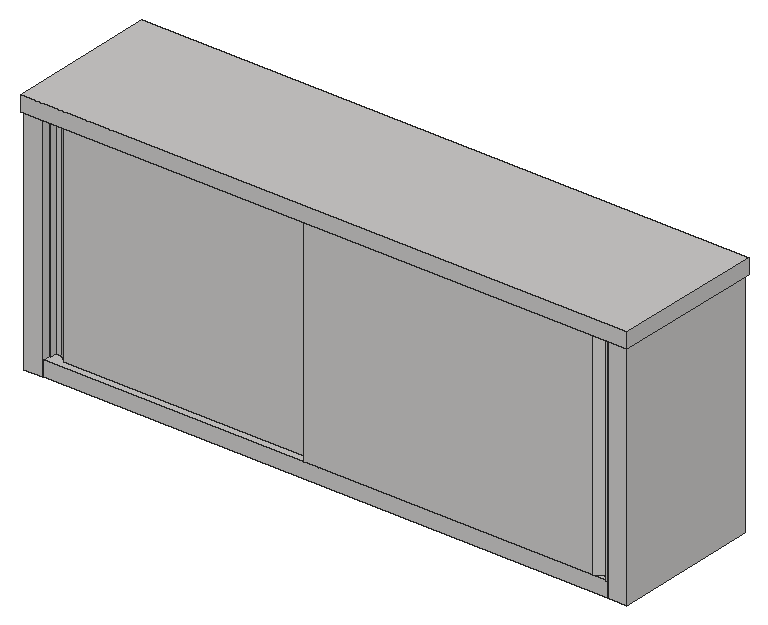
Revit family "QF_ZANUSSI_132833_PS1600LCN", category Attrezzature speciali, Revit 2020
Family settings
  Quota connettore circolare = Usa diametro
  Tipo di parte = Normale
  Basato su piano di lavoro = No
  Sempre verticale = Sì
  Taglio con vuoti quando caricato = No
  Condiviso = No
  Punto di calcolo locali = No
Parameters (values of type "Standard")
  Weight = 31.00 kg
  Watts = 0 W
  Volts = 0 V
  URL Manufacturer = "http://www.zanussiprofessional.com"
  URL = "http://www.zanussiprofessional.com"
  Steam Supply Size = 0 mm
  Steam Supply Minimum Pressure = 0.0 Pa
  Steam Supply Maximum Pressure = 0.0 Pa
  Steam Consumption per Hour = 0
  Refrigeration Suction Line Size = 0.0 mm
  Refrigeration Liquid Line Size = 0.0 mm
  Refrigerant Compressor Remote = yes
  Prospetto di default = 0.0 mm
  Produttore = "Zanussi"
  Phase = 0
  Modello = "PS1600LCN"
  Length Actual = 1600.0 mm  # constant formula
  Item Number = "132833"
  Hot Water Size = 0 mm
  Height Actual = 650.0 mm  # constant formula
  HP = "0 HP"
  Gas Size = 0 mm
  Gas KW = 0
  Gas Input Pressure = 0 W
  Direct Waste Size = 0 mm
  Descrizione = "WALL CUPBOARD W/2 SLIDING DOORS 1600 MM"
  Depth Actual = 400.0 mm  # constant formula
  Cycle = 0 Hz
  Condensate Return Size = 0 mm
  Compressed Air Volume = 0.0 L/s
  Compressed Air Size = 0 mm
  Compressed Air Pressure = 0.0 Pa
  Cold Water Size = 0 mm
  Accessory = yes
Reference planes
  plane 1 "Center (Front/Back)": y = 0
  plane 2: z = 0
  plane 3 "Center (Left/Right)": x = -300
  plane 4 "LEFT": x = -1100
  plane 5 "RIGHT": x = 500
  plane 6 "BACK": y = 200
  plane 7 "FRONT": y = -200
  plane 8 "Base": z = 2160
  plane 9 "TOP": z = 2200
  plane 10 "BodyLeft": x = -1094.5
  plane 11 "BodyFront": y = -194.5
  plane 12 "BodyRight": x = 494.5
  plane 13 "BodyBack": y = 194.5
  plane 14 "FEET": z = 1550
  plane 15: x = -244.5
  plane 16: x = -355.5
Forms (mm)
  Extrusion 1, solid, material "QF_Finishes_Stainless Steel"
    sketch origin (-300, 0, 0) x (0, 1, 0) y (0, 0, 1)
      loop
        line (-200, 2160) -> (200, 2160) -> (200, 2200) -> (-200, 2200) -> (-200, 2160)
    from 800 to -800
  Extrusion 2, solid, material "QF_Finishes_Stainless Steel"
    sketch origin (0, 0, 1550) x (-1, 0, 0) y (0, -1, 0)
      loop
        line (1094.5, -194.5) -> (1094.5, 194.5) -> (1044.5, 194.5) -> (1044.5, -194.5) -> (1094.5, -194.5)
      loop
        line (-444.5, -194.5) -> (-444.5, 194.5) -> (-494.5, 194.5) -> (-494.5, -194.5) -> (-444.5, -194.5)
    from 0 to 610
  Extrusion 3, solid, material "QF_Finishes_Stainless Steel"
    sketch origin (0, 0, 1550) x (-1, 0, 0) y (0, -1, 0)
      loop
        line (1043.585, -194.5) -> (1043.585, 194.5) -> (-444.5, 194.5) -> (-444.5, -194.5) -> (1043.585, -194.5)
    from 0 to 40
  Extrusion 4, solid, material "QF_Finishes_Stainless Steel"
    sketch origin (0, 0, 1550) x (-1, 0, 0) y (0, -1, 0)
      loop
        line (1043.585, -194.5) -> (1043.585, -144.5) -> (-444.5, -144.5) -> (-444.5, -194.5) -> (1043.585, -194.5)
    from 40 to 610
  Extrusion 5, solid, material "QF_Finishes_Stainless Steel"
    sketch origin (0, 0, 1550) x (-1, 0, 0) y (0, -1, 0)
      loop
        line (-444.5, 194.5) -> (-444.5, 174.5) -> (355.5, 174.5) -> (355.5, 194.5) -> (-404.5, 194.5) -> (-424.5, 179.5) -> (-439.5, 179.5) -> (-439.5, 194.5) -> (-444.5, 194.5)
    from 40 to 610
  Extrusion 6, solid, material "QF_Finishes_Stainless Steel"
    sketch origin (0, 20, 1550) x (1, 0, 0) y (0, 1, 0)
      loop
        line (-1044.5, -194.5) -> (-1039.5, -194.5) -> (-1039.5, -179.5) -> (-1024.5, -179.5) -> (-1004.5, -194.5) -> (-244.5, -194.5) -> (-244.5, -174.5) -> (-1044.5, -174.5) -> (-1044.5, -194.5)
    from 40 to 610
Lines and regions (mm)
  symbolic lines
    curve 1: line (500, 200, 2200) -> (-1100, 200, 2200)
    curve 2: line (-1100, 200, 2200) -> (-1100, -200, 2200)
    curve 3: line (-1100, -200, 2200) -> (500, -200, 2200)
    curve 4: line (500, -200, 2200) -> (500, 200, 2200)
    curve 5: line (-1100, -200, 1550) -> (500, 200, 1550)
  symbolic lines, style "SpecialityEquipmentHiddenLines"
    curve 6: line (-1094.5, 194.5, 1550) -> (494.5, 194.5, 1550)
    curve 7: line (-1094.5, -194.5, 1550) -> (-1094.5, 194.5, 1550)
    curve 8: line (494.5, -194.5, 1550) -> (-1094.5, -194.5, 1550)
    curve 9: line (494.5, 194.5, 1550) -> (494.5, -194.5, 1550)
    curve 10: line (-1044.5, -154.5, 1550) -> (-244.5, -154.5, 1550)
    curve 11: line (-1044.5, -174.5, 1550) -> (-1044.5, -154.5, 1550)
    curve 12: line (444.5, -174.5, 1550) -> (-1044.5, -174.5, 1550)
    curve 13: line (-244.5, -154.5, 1550) -> (-244.5, -174.5, 1550)
    curve 14: line (-355.5, -174.5, 1550) -> (-355.5, -194.5, 1550)
    curve 15: line (444.5, -174.5, 1550) -> (444.5, -194.5, 1550)
Dimensions and locks
  plane 4 "LEFT" to plane 5 "RIGHT" = 1600.0 mm
  equal spacing: plane 4 "LEFT", plane 3 "Center (Left/Right)", plane 5 "RIGHT"
  locked: plane 8 "Base" to level at 2160
  locked: plane 9 "TOP" to level at 2200
  plane 6 "BACK" to plane 7 "FRONT" = 400.0 mm
  equal spacing: plane 6 "BACK", plane 1 "Center (Front/Back)", plane 7 "FRONT"
  locked: plane 4 "LEFT" to plane 10 "BodyLeft" at 5.5
  locked: plane 12 "BodyRight" to plane 5 "RIGHT" at 5.5
  locked: plane 11 "BodyFront" to plane 7 "FRONT" at 5.5
  locked: plane 6 "BACK" to plane 13 "BodyBack" at 5.5
  locked: plane 10 "BodyLeft" to Extrusion 2 sketch curve at 50
  locked: Extrusion 2 sketch curve to Extrusion 2 sketch curve at 50
  Extrusion 3 to Extrusion 4 sketch curve = 50.0 mm
  Extrusion 2 to plane 15 = 800.0 mm
  plane 16 to Extrusion 2 = 800.0 mm
  plane 9 "TOP" to plane 14 "FEET" = 650.0 mm
  locked: plane 8 "Base" to Extrusion 3 at 570
  aligned and locked: level to plane 2
  aligned and locked: Extrusion 1 to plane 4 "LEFT"
  aligned and locked: plane 5 "RIGHT" to Extrusion 1
  aligned and locked: curve 2 to plane 4 "LEFT"
  aligned and locked: plane 13 "BodyBack" to Extrusion 2 sketch curve
  aligned and locked: Extrusion 2 sketch curve to plane 11 "BodyFront"
  aligned and locked: Extrusion 2 sketch curve to plane 10 "BodyLeft"
  aligned and locked: plane 12 "BodyRight" to Extrusion 2 sketch curve
  aligned and locked: Extrusion 2 sketch curve to plane 13 "BodyBack"
  aligned and locked: plane 11 "BodyFront" to Extrusion 2 sketch curve
  aligned and locked: Extrusion 3 sketch curve to plane 13 "BodyBack"
  aligned and locked: plane 11 "BodyFront" to Extrusion 3 sketch curve
  aligned and locked: plane 8 "Base" to Extrusion 2
  aligned and locked: Extrusion 4 sketch curve to Extrusion 3
  aligned and locked: plane 8 "Base" to Extrusion 5
  aligned and locked: Extrusion 5 to Extrusion 3
  aligned and locked: Extrusion 6 sketch curve to plane 15
  aligned and locked: Extrusion 5 sketch curve to plane 16
  aligned and locked: Extrusion 1 to plane 8 "Base"
  aligned and locked: plane 9 "TOP" to Extrusion 1
  aligned and locked: curve 6 to plane 13 "BodyBack"
  aligned and locked: plane 11 "BodyFront" to curve 8
  aligned and locked: plane 12 "BodyRight" to curve 9
  aligned and locked: plane 10 "BodyLeft" to curve 7
Automatic sketch dimensions
  curve 3 to plane 7 "FRONT" = 0.0 mm
  curve 4 to plane 6 "BACK" = 0.0 mm
  Extrusion 1 sketch curve to plane 7 "FRONT" = 0.0 mm
  plane 9 "TOP" to Extrusion 1 sketch curve = 0.0 mm
  Extrusion 1 sketch curve to plane 6 "BACK" = 0.0 mm
  Extrusion 1 sketch curve to plane 8 "Base" = 0.0 mm
  Extrusion 5 sketch curve to plane 11 "BodyFront" = 0.0 mm  (x2)
  Extrusion 5 sketch curve to Extrusion 5 sketch curve = 5.0 mm
  Extrusion 5 sketch curve to Extrusion 5 sketch curve = 15.0 mm
  Extrusion 5 sketch curve to Extrusion 5 sketch curve = 20.0 mm
  plane 11 "BodyFront" to Extrusion 5 sketch curve = 15.0 mm
  plane 11 "BodyFront" to Extrusion 5 sketch curve = 20.0 mm
  Extrusion 6 sketch curve to plane 11 "BodyFront" = 20.0 mm  (x2)
  Extrusion 6 sketch curve to Extrusion 6 sketch curve = 5.0 mm
  Extrusion 6 sketch curve to Extrusion 6 sketch curve = 15.0 mm
  Extrusion 6 sketch curve to Extrusion 6 sketch curve = 20.0 mm  (x2)
  Extrusion 6 sketch curve to plane 11 "BodyFront" = 35.0 mm
  plane 10 "BodyLeft" to Extrusion 3 sketch curve = 50.915 mm
  plane 10 "BodyLeft" to Extrusion 4 sketch curve = 50.915 mm
  Extrusion 6 sketch curve to plane 10 "BodyLeft" = 90.0 mm
  plane 12 "BodyRight" to Extrusion 3 sketch curve = 50.0 mm
  plane 12 "BodyRight" to Extrusion 4 sketch curve = 50.0 mm
  plane 12 "BodyRight" to Extrusion 5 sketch curve = 90.0 mm
  curve 4 to plane 5 "RIGHT" = 0.0 mm
  curve 5 to plane 5 "RIGHT" = 0.0 mm
  curve 13 to plane 15 = 0.0 mm
  curve 14 to plane 16 = 0.0 mm
  curve 5 to plane 4 "LEFT" = 0.0 mm
  curve 5 to plane 6 "BACK" = 0.0 mm
  curve 5 to plane 7 "FRONT" = 0.0 mm
  plane 10 "BodyLeft" to curve 11 = 50.0 mm
  plane 11 "BodyFront" to curve 13 = 40.0 mm
  plane 11 "BodyFront" to curve 12 = 20.0 mm
  plane 12 "BodyRight" to curve 15 = 50.0 mm
